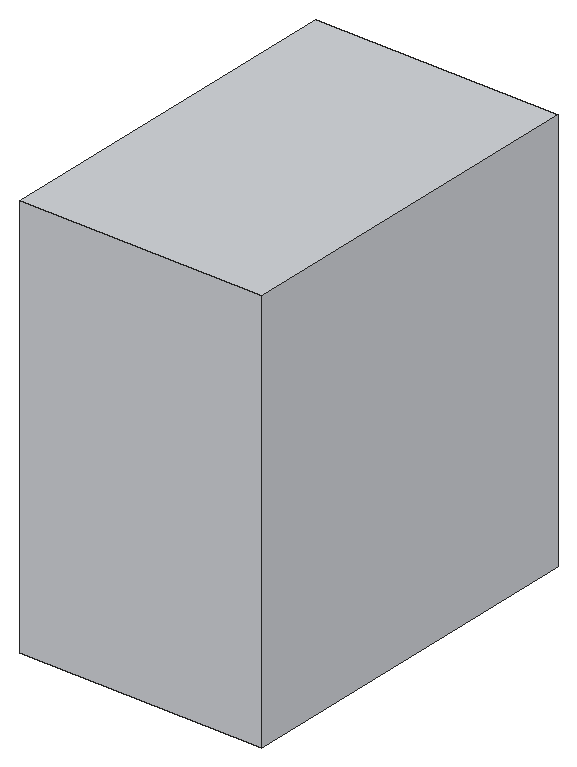
Revit family
Parameters
  Warranty Duration (Years) = 0
  Unit Width [instance] = 1' - 4 1/16"
  Unit Height [instance] = 3' - 5 1/4"
  Unit Depth = 0' - 0 15/16"
  URL = "http://www.americanspecialties.com/viewCategories.cfm"
  Trim Material = Metal - Stainless Steel
  Test Data = ""
  Specification = "http://www.arcat.com/sdspecs/htm/10810asi.htm"
  SpecWizard = ""
  Send Message = "http://www.arcat.com/users.pl?action=UserEmail&company=American%20Specialties,%20Inc.&coid=30448&rep=139&fax=914-476-0688&mf="
  Sales Information = "http://www.americanspecialties.com/contact"
  Revision = "R1_10-2010"
  Product Properties = "http://www.americanspecialties.com/datasheets/94696A1.pdf"
  Product Data = "http://www.arcat.com/arcatcos/cos30/arc30448.html"
  Model = "As Specified in 10 28 13"
  Manufacturer Website = "http://www.americanspecialties.com/viewCategories.cfm"
  Manufacturer Phone - Toll Free = ""
  Manufacturer Phone = "914-476-9000 "
  Manufacturer Fax = "914-476-0688"
  Manufacturer Address = "441 Saw Mill River Rd., Yonkers, NY 10701"
  Manufacturer = "American Specialties, Inc."
  Maintenance Schedule (Months) = 0
  Keynote = "10 28 13"
  Installation-Fabrication = "http://www.americanspecialties.com/products.cfm"
  Green Building-LEED = ""
  Expected Lifespan (Years) = 0
  Drawn By = "Robert S. Weygant. CSI, CDT, SCIP"  # constant formula
  Description = "Toilet Accessory as Specified in 10 28 13"
  Default Elevation = 4' - 0"
  Copyright = "©Arcat Inc."
  Construction Details = "http://www.arcat.com/green/clients/leed_data_30448.html"
  Building Codes = "http://www.americanspecialties.com/products.cfm"
  Body Material = Metal - Stainless Steel
  Assembly Code = "C1030210"
Reference planes (in)
  plane 1 "Center (Front/Back)": y = -0.29112
  plane 2 "Floor Line": z = 0
  plane 3 "Center (Left/Right)": x = -0.65843
Forms (in)
  Extrusion 1, solid
    sketch origin (-3, -9, -6) x (0, 0, -1) y (1, 0, 0)
      loop
        line (-82, 26) -> (-82, -19.34712) -> (-6, -19.34712) -> (-6, 26) -> (-82, 26)
    from 28.29112 to -41.06337
  Extrusion 2, solid, material "Metal - Stainless Steel" <- "Body Material"
    sketch origin (0, 0, 0) x (1, 0, 0) y (0, 1, 0)
      loop
        line (-7.68968, 19.33388) -> (-7.68968, -19.91612) -> (6.37282, -19.91612) -> (6.37282, 19.33388) -> (-7.68968, 19.33388)
    from 0 to -9.75
  Extrusion 3, solid, material "Metal - Stainless Steel" <- "Body Material"
    sketch origin (-0.90625, -0.29112, 0) x (1, 0, 0) y (0, 0, 1)
      loop
        line (-7.78343, 0) -> (8.27907, 0) -> (8.27907, 0.1875)
        arc (8.27907, 0.1875) -> (8.0594, 0.71783) -> (7.52907, 0.9375) r 0.75
        line (7.52907, 0.9375) -> (-7.03343, 0.9375)
        arc (-7.03343, 0.9375) -> (-7.56376, 0.71783) -> (-7.78343, 0.1875) r 0.75
        line (-7.78343, 0.1875) -> (-7.78343, 0)
    from -20.625 to 20.625
  Extrusion 4, solid, material "Metal - Stainless Steel" <- "Body Material"
    sketch origin (0, 0, 0) x (1, 0, 0) y (0, 1, 0)
      loop
        line (-5.68968, 6.70888) -> (-5.68968, 4.20888) -> (4.37282, 4.20888) -> (4.37282, 6.70888) -> (-5.68968, 6.70888)
      loop
        line (-5.43968, 6.45888) -> (-5.43968, 4.95888) -> (4.12282, 4.95888) -> (4.12282, 6.45888) -> (-5.43968, 6.45888)
    from 0 to -8.72533
  Extrusion 5, void
    sketch origin (0, 0, 0) x (1, 0, 0) y (0, 1, 0)
      loop
        line (-7.68968, 19.33388) -> (-7.68968, -19.91612) -> (6.37282, -19.91612) -> (6.37282, 19.33388) -> (-7.68968, 19.33388)
    from 0 to -9.96345
  Extrusion 6, solid, material "Metal - Stainless Steel" <- "Trim Material"
    sketch origin (0, 0, 0) x (1, 0, 0) y (0, 1, 0)
      loop
        circle (5.37282, 11.83388) r 0.5
      loop
        line (5.316, 11.41524) -> (5.42963, 11.41524) -> (5.42963, 12.26475) -> (5.316, 12.26475) -> (5.316, 11.41524)
      loop
        circle (5.37282, -12.41612) r 0.5
      loop
        line (5.316, -11.99747) -> (5.316, -12.84698) -> (5.42963, -12.84698) -> (5.42963, -11.99747) -> (5.316, -11.99747)
    from 0.9375 to 1
  Extrusion 7, void
    sketch origin (0, 0, 0) x (1, 0, 0) y (0, 1, 0)
      loop
        arc (-5.93968, 6.70888) -> (-6.47001, 6.48921) -> (-6.68968, 5.95888) r 0.75
        line (-6.68968, 5.95888) -> (-6.68968, -1.04112)
        arc (-6.68968, -1.04112) -> (-6.47001, -1.57145) -> (-5.93968, -1.79112) r 0.75
        line (-5.93968, -1.79112) -> (4.62282, -1.79112)
        arc (4.62282, -1.79112) -> (5.15315, -1.57145) -> (5.37282, -1.04112) r 0.75
        line (5.37282, -1.04112) -> (5.37282, 5.95888)
        arc (5.37282, 5.95888) -> (5.15315, 6.48921) -> (4.62282, 6.70888) r 0.75
        line (4.62282, 6.70888) -> (-5.93968, 6.70888)
    from -8.875 to 0.9375
Cuts and joins
  Extrusion 7 cuts Extrusion 2
  Extrusion 7 cuts Extrusion 3
  Extrusion 7 cuts Extrusion 6
Dimensions and locks (in)
  Extrusion 3 sketch curve to Extrusion 3 sketch curve = 1' - 4 1/16"
  Extrusion 3 sketch curve to Extrusion 3 sketch curve = 0' - 0 15/16"
  aligned and locked: Extrusion 1 to level
  aligned and locked: cut or joined group of Extrusion 2, Extrusion 7 to cut or joined group of Extrusion 3, Extrusion 7
